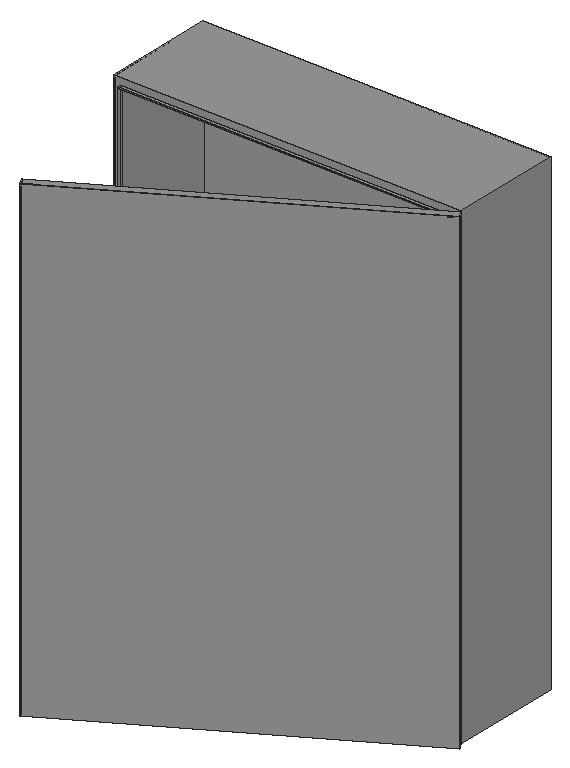
Revit family "Hager-Univers-IP55-D275-H1100-Cl.I-Steel_encl-NoHosted-DE-de", category Equipement électrique, Revit 2020
Family settings
  Configuration du panneau = Deux colonnes, circuits au sein
  Cote de connecteur circulaire = Utiliser le diamètre
  Type d'élément = Tableau de raccordement
  Basée sur le plan de construction = Oui
  Toujours verticalement = Oui
  Couper avec des vides une fois chargée = Non
  Partagée = Non
  Point de calcul de pièce = Non
Parameters (values of type "Aufputz IP55 B800 H1100 T275  - FR73E")
  Width Control [instance] = if([EF000008 - Breite] > Min Width, [EF000008 - Breite], Min Width)  # 800 mm
  Commentaires du type = [HG000003 - Bereich]  # "Univers"
  Thickness Door [instance] = if([EF009171 - Materialstärke Tür/Deckel] > 3 mm, 3 mm, [EF009171 - Materialstärke Tür/Deckel])  # 1.5 mm
  Seal Frame Offset [instance] = 17 mm  # constant formula
  Plinth Visibility [instance] = [HG000027 - Sockelhöhe] > 0 mm  # no
  Min Width [instance] = 100 mm  # constant formula
  Min Depth [instance] = (2 * [EF009170 - Materialstärke Gehäuse]) + 1 mm  # 4 mm
  Min Height [instance] = 100 mm  # constant formula
  Internal Frame Depth [instance] = (Door System Depth * 0.5)  # 9 mm
  Panel Name [instance] = ""  # (empty or 0)
  Model = ""
  HG000027 - Sockelhöhe = 0 mm
  HG000026 - Stehend auf dem Boden = no
  HG000024 - Höhe des unteren Teils = 600 mm
  HG000023 - Gehäuse mit doppeltem Querschnitt = no
  HG000016 - 3D-Türsichtbarkeit [instance] = yes
  HG000015 - Sichtbarkeit der Türöffnung [instance] = no
  HG000014 - Tür rechts [instance] = yes
  HG000013 - Tür links [instance] = not([HG000014 - Tür rechts])  # no
  HG000012 - Türschwenkwinkel [instance] = 30.00°
  HG000010 - Asymmetrische Türen = no
  HG000009 - Doppelflügeligen Tür = no
  HG000006 - Unterputz = no
  HG000004 - Herstellerreferenz = "FR73E"
  HG000003 - Bereich = "Univers"
  HG000002 - Mit tür = yes
  Frame Offset Bottom [instance] = 10 mm  # constant formula
  Frame Offset [instance] = 15 mm  # constant formula
  EF015940 - Deckel mit Überdruckentlastung = no
  EF011959 - Schutzart (NEMA) = ""
  EF009554 - Anzahl der Öffnungen für Flanschplatten = 6
  EF009212 - Ausführung Deckel = "EV000116 - geschlossen"
  EF009171 - Materialstärke Tür/Deckel = 1.5 mm
  EF009170 - Materialstärke Gehäuse = 1.5 mm
  EF008873 - Nennstrom (In) = 800 A
  EF007800 - Geeignet für Blitzschutz = no
  EF006306 - Mit Schloss = no
  EF006244 - Transparenter Deckel/Tür = no
  EF005474 - Schutzart (IP) = "EV006420 - IP55"
  EF004464 - Art der Tür = "EV002646 - Einzel"
  EF004427 - Anzahl der Module = 252
  EF004293 - Schlagfestigkeit = "EV008784 - IK10"
  EF003532 - Geeignet für Außengebrauch = no
  EF002950 - Breite in Teilungseinheiten = 24
  EF001613 - Funktionserhalt = "EV000494 - ohne"
  EF001596 - Werkstoff des Gehäuses = "EV000179 - Stahl"
  EF001131 - Innentiefe = 275 mm
  EF001088 - Anbaumöglichkeit = yes
  EF000437 - Anzahl der Leitungseinführungen = 6
  EF000339 - Art der Abdeckung = "EV004216 - Tür"
  EF000266 - Anzahl der Reihen = 7
  EF000218 - Einbautiefe = 0 mm
  EF000118 - Mit Montageplatte = no
  EF000116 - RAL-Nummer = "7035"
  EF000049 - Tiefe = 275 mm
  EF000040 - Höhe = 1100 mm
  EF000008 - Breite = 800 mm
  EF000007 - Farbe = "EV000270 - grau"
  EF000003 - Montageart = "EV000384 - Aufputz"
  Door System Leaf Tolerance [instance] = 1.5 mm  # constant formula
  Door System Depth [instance] = 18 mm  # constant formula
  Door Height [instance] = Height Control - [HG000027 - Sockelhöhe]  # 1100 mm
  Description = ""
  Default Elevation = 1219.2 mm
  Connector Offset [instance] = Height Control / 2  # 550 mm
  Fabricant = "Hager"  # constant formula
  Height Control [instance] = if([EF000040 - Höhe] > Min Height, [EF000040 - Höhe], Min Height)  # 1100 mm
  Depth Control [instance] = if([EF000049 - Tiefe] > Min Depth, [EF000049 - Tiefe], Min Depth)  # 275 mm
  Bottom Top Plate Trim [instance] = 1.5 mm  # constant formula
  Plinth height Ctrl [instance] = if([HG000027 - Sockelhöhe] > 0 mm, [HG000027 - Sockelhöhe], 12 mm)  # 12 mm
Types (5, lengths in mm): name | Width Control | HG000010 - Asymmetrische Türen | HG000009 - Doppelflügeligen Tür | HG000004 - Herstellerreferenz | EF009554 - Anzahl der Öffnungen für Flanschplatten | EF004464 - Art der Tür | EF004427 - Anzahl der Module | EF000437 - Anzahl der Leitungseinführungen | EF000008 - Breite
  Aufputz IP55 B1050 H1100 T275  - FR74E | 1050 | no | yes | "FR74E" | 8 | "EV003602 - Doppel" | 336 | 8 | 1050
  Aufputz IP55 B1300 H1100 T275  - FR75E | 1300 | yes | yes | "FR75E" | 10 | "EV003602 - Doppel" | 420 | 10 | 1300
  Aufputz IP55 B300 H1100 T275  - FR71E | 300 | no | no | "FR71E" | 2 | "EV002646 - Einzel" | 84 | 2 | 300
  Aufputz IP55 B550 H1100 T275  - FR72E | 550 | no | no | "FR72E" | 4 | "EV002646 - Einzel" | 168 | 4 | 550
  Aufputz IP55 B800 H1100 T275  - FR73E | 800 | no | no | "FR73E" | 6 | "EV002646 - Einzel" | 252 | 6 | 800
Reference planes
  plane 1 "Center (Front/Back)": y = 0
  plane 2: z = 0
  plane 3 "Center (Left/Right)": x = 0
  plane 4: y = 0
  plane 5: y = 0
  plane 6: z = 0
  plane 7: x = -400
  plane 8: x = 400
  plane 9: x = 398.5
  plane 10: x = -398.5
  plane 11: z = 0
  plane 12: z = 1.5
  plane 13: y = -275
  plane 14: y = -1.5
  plane 15: x = 0
  plane 16: y = -257
  plane 17: y = -273.5
  plane 18: y = -255.5
  plane 19: x = -383.5
  plane 20: x = 383.5
  plane 21: z = 11.5
  plane 22: x = -383
  plane 23: x = 383
  plane 24: z = 0
  plane 25: z = 1100
  plane 26: z = 1100
  plane 27: z = 1083.5
  plane 28: z = 1098.5
Forms (mm)
  Extrusion 1, solid, material "Hager_Steel_RAL7035_Light_Grey", detail levels medium+fine
    sketch origin (-208.679, -4572, 0) x (-1, 0, 0) y (0, -1, 0)
      loop
        line (191.321, -4315) -> (-608.679, -4315) -> (-608.679, -4572) -> (191.321, -4572) -> (191.321, -4315)
    from 0 to 1100
  Extrusion 2, void
    sketch origin (-350.771, -275, 1219.2) x (1, 0, 0) y (0, 0, 1)
      loop
        line (-47.729, -120.7) -> (-47.729, -1217.7) -> (749.271, -1217.7) -> (749.271, -120.7) -> (-47.729, -120.7)
    from -19.5 to -273.5
  Extrusion 3, void
    sketch origin (-290.084, -257, 1219.2) x (1, 0, 0) y (0, 0, 1)
      loop
        line (-93.416, -1207.7) -> (673.584, -1207.7) -> (673.584, -135.7) -> (-93.416, -135.7) -> (-93.416, -1207.7)
    from 0 to -1.5
  Extrusion 4, solid, material "Hager_Steel_RAL7035_Light_Grey", visible <- "Plinth Visibility", detail levels medium+fine
    sketch origin (0, 0, 0) x (1, 0, 0) y (0, 1, 0)
      loop
        line (-400, 0) -> (-400, -257) -> (400, -257) -> (400, 0) -> (-400, 0)
    from 0 to 12 <- "Plinth height Ctrl"
  Extrusion 5, solid, material "Hager_Steel_RAL7035_Light_Grey", detail levels coarse
    sketch origin (0, 0, 0) x (1, 0, 0) y (0, 1, 0)
      loop
        line (-400, 0) -> (-400, -275) -> (400, -275) -> (400, 0) -> (-400, 0)
    from 0 to 1100 <- "Height Control"
  Sweep 6, void
    path in 3D
      loop
        line (-400, -257, 12) -> (400, -257, 12) -> (400, 0, 12) -> (-400, 0, 12) -> (-400, -257, 12)
    profile origin (-400, -128.5, 12) x (1, 0, 0) y (0, 0, 1)
      loop
        line (0, 0) -> (0, -1.5) -> (1.5, -1.5)
        arc (1.5, -1.5) -> (1.061, -0.439) -> (0, 0) r 1.5
  Extrusion 7, solid, material "Hager_Steel_RAL7035_Light_Grey", detail levels fine
    sketch origin (-400, -257, 0) x (1, 0, 0) y (0, 0, 1)
      loop
        line (16.5, 11.5) -> (783.5, 11.5) -> (783.5, 1083.5) -> (16.5, 1083.5) -> (16.5, 11.5)
      loop
        line (15, 10) -> (785, 10) -> (785, 1085) -> (15, 1085) -> (15, 10)
    from 0 to 9 <- "Internal Frame Depth"
Cuts and joins
  Extrusion 2, Extrusion 3 cuts Extrusion 1
  Sweep 6 cuts Extrusion 4
Lines and regions (mm)
  Masking region 1
    outline origin (0, 0, 0) x (1, 0, 0) y (0, 1, 0)
      loop
        line (-400, 0) -> (-400, -275) -> (400, -275) -> (400, 0) -> (-400, 0)
  Masking region 2, detail levels coarse
    outline origin (-290.084, -257, 1219.2) x (-1, 0, 0) y (0, 0, 1)
      loop
        line (-690.084, -1219.2) -> (109.916, -1219.2) -> (109.916, -119.2) -> (-690.084, -119.2) -> (-690.084, -1219.2)
  Masking region 3, detail levels coarse
    outline origin (0, 0, 0) x (0, 1, 0) y (0, 0, 1)
      loop
        line (0, 0) -> (0, 1100) -> (-275, 1100) -> (-275, 0) -> (0, 0)
  Masking region 4, visible <- "Plinth Visibility", detail levels medium+fine
    outline origin (0, 0, 0) x (0, 1, 0) y (0, 0, 1)
      loop
        line (-1.5, 12) -> (-255.5, 12)
        arc (-255.5, 12) -> (-255.939, 10.939) -> (-257, 10.5) r 1.5
        line (-257, 10.5) -> (-257, 0) -> (0, 0) -> (0, 10.5)
        arc (0, 10.5) -> (-1.061, 10.939) -> (-1.5, 12) r 1.5
  Masking region 5, detail levels medium+fine
    outline origin (0, 0, 594.038) x (0, 1, 0) y (0, 0, 1)
      loop
        line (0, -594.038) -> (0, 505.962) -> (-257, 505.962) -> (-257, -594.038) -> (0, -594.038)
  Masking region 6, detail levels medium+fine
    outline origin (-359.7, -257, 1211.883) x (-1, 0, 0) y (0, 0, 1)
      loop
        line (-759.7, -1211.883) -> (40.3, -1211.883) -> (40.3, -111.883) -> (-759.7, -111.883) -> (-759.7, -1211.883)
  Masking region 7, visible <- "Plinth Visibility", detail levels medium+fine
    outline origin (-320.334, -257, 1041.368) x (-1, 0, 0) y (0, 0, 1)
      loop
        line (-720.334, -1041.368) -> (79.666, -1041.368) -> (79.666, -1030.868)
        arc (79.666, -1030.868) -> (78.606, -1030.429) -> (78.166, -1029.368) r 1.5
        line (78.166, -1029.368) -> (-718.834, -1029.368)
        arc (-718.834, -1029.368) -> (-719.273, -1030.429) -> (-720.334, -1030.868) r 1.5
        line (-720.334, -1030.868) -> (-720.334, -1041.368)
  sketch lines
    curve 1: line (-400, 0, 12) -> (-400, -257, 12)
    curve 2: line (-400, -257, 12) -> (400, -257, 12)
    curve 3: line (400, 0, 12) -> (-400, 0, 12)
    curve 4: line (400, -257, 12) -> (400, 0, 12)
Dimensions and locks
  locked: plane 1 "Center (Front/Back)" to plane 5
  "EF009170 - Materialstärke Gehäuse": plane 7 to plane 10
  "EF009170 - Materialstärke Gehäuse": plane 8 to plane 9
  equal spacing: plane 7, plane 3 "Center (Left/Right)", plane 8
  "Width Control": plane 7 to plane 8
  "Depth Control": plane 4 to plane 13
  "EF009170 - Materialstärke Gehäuse": plane 4 to plane 14
  "Height Control": plane 25 to level
  "HG000027 - Sockelhöhe": plane 11 to level
  "EF009170 - Materialstärke Gehäuse": plane 12 to plane 11
  "EF009170 - Materialstärke Gehäuse": plane 17 to plane 13
  "EF009170 - Materialstärke Gehäuse": plane 18 to plane 16
  "Frame Offset Bottom": plane 21 to plane 12
  "Frame Offset": plane 10 to plane 19
  "Frame Offset": plane 9 to plane 20
  "Door System Depth": plane 16 to plane 13
  "Seal Frame Offset": plane 7 to plane 22
  "Seal Frame Offset": plane 8 to plane 23
  "EF009170 - Materialstärke Gehäuse": plane 26 to plane 28
  "Frame Offset": plane 28 to plane 27
  "Connector Offset": plane 2 to connector elem
  "Bottom Top Plate Trim": profile plane to Sweep 6 sketch curve
  "Bottom Top Plate Trim": Sweep 6 sketch curve to Sweep 6 sketch curve
  "Plinth height Ctrl": Masking region 4 sketch curve to level
  "Plinth height Ctrl": Masking region 7 sketch curve to level
  "Thickness Door": Extrusion 7 sketch curve to Extrusion 7 sketch curve  (x4)
  "Bottom Top Plate Trim": radius of Sweep 6 sketch curve
  "Bottom Top Plate Trim": radius of Masking region 4 sketch curve  (x2)
  "Bottom Top Plate Trim": radius of Masking region 7 sketch curve  (x2)
  aligned and locked: Extrusion 2 sketch curve to plane 12
  aligned and locked: Extrusion 2 sketch curve to plane 9
  aligned and locked: Extrusion 2 sketch curve to plane 10
  aligned and locked: Extrusion 2 to plane 14
  aligned and locked: Extrusion 1 sketch curve to plane 4
  aligned and locked: plane 8 to Extrusion 1 sketch curve
  aligned and locked: plane 7 to Extrusion 1 sketch curve
  aligned and locked: Extrusion 2 to plane 18
  aligned and locked: Extrusion 3 sketch curve to plane 19
  aligned and locked: plane 20 to Extrusion 3 sketch curve
  aligned and locked: Extrusion 3 to Extrusion 2
  aligned and locked: Extrusion 3 sketch curve to plane 21
  aligned and locked: plane 3 "Center (Left/Right)" to nested 1
  aligned and locked: Extrusion 1 sketch curve to plane 16
  aligned and locked: Extrusion 4 sketch curve to cut or joined group of Extrusion 1, Extrusion 2, Extrusion 3
  aligned and locked: Masking region 1 sketch curve to plane 7
  aligned and locked: Masking region 1 sketch curve to plane 5
  aligned and locked: Masking region 1 sketch curve to plane 8
  aligned and locked: Masking region 2 sketch curve to level
  aligned and locked: level to Masking region 3 sketch curve
  aligned and locked: plane 1 "Center (Front/Back)" to Masking region 3 sketch curve
  aligned and locked: plane 13 to Masking region 3 sketch curve
  aligned and locked: plane 5 to Masking region 4 sketch curve
  aligned and locked: Masking region 2 sketch curve to plane 8
  aligned and locked: Masking region 2 sketch curve to plane 7
  aligned and locked: plane 7 to nested 2
  aligned and locked: nested 2 to plane 5
  aligned and locked: plane 5 to Masking region 5 sketch curve
  aligned and locked: plane 26 to Masking region 5 sketch curve
  aligned and locked: Extrusion 5 sketch curve to plane 8
  aligned and locked: Extrusion 5 sketch curve to plane 7
  aligned and locked: Extrusion 5 sketch curve to plane 5
  aligned and locked: Extrusion 3 sketch curve to plane 27
  aligned and locked: Extrusion 2 sketch curve to plane 28
  aligned and locked: Masking region 2 to plane 25
  aligned and locked: Extrusion 4 to plane 16
  aligned and locked: profile plane to Sweep 6 sketch curve
  aligned and locked: Masking region 5 sketch curve to plane 24
  aligned and locked: level to Masking region 4 sketch curve
  aligned and locked: Masking region 1 to plane 13
  aligned and locked: nested 1 to plane 16
  aligned and locked: Masking region 3 to plane 25
  aligned and locked: plane 16 to Masking region 4 sketch curve
  aligned and locked: Masking region 5 sketch curve to plane 16
  aligned and locked: plane 24 to plane 11
  aligned and locked: plane 26 to plane 25
  aligned and locked: plane 26 to cut or joined group of Extrusion 1, Extrusion 2, Extrusion 3
  aligned and locked: nested 1 to plane 24
  aligned and locked: Extrusion 1 to Extrusion 3
  aligned and locked: Masking region 6 sketch curve to plane 8
  aligned and locked: Masking region 6 sketch curve to plane 24
  aligned and locked: Masking region 6 sketch curve to plane 7
  aligned and locked: Masking region 6 sketch curve to plane 26
  aligned and locked: Masking region 7 sketch curve to plane 7
  aligned and locked: level to Masking region 7 sketch curve
  aligned and locked: Masking region 7 sketch curve to plane 8
  aligned and locked: Extrusion 7 sketch curve to cut or joined group of Extrusion 1, Extrusion 2, Extrusion 3  (x4)
Automatic sketch dimensions
  plane 19 to Extrusion 3 sketch curve = 0 mm
  Extrusion 3 sketch curve to plane 20 = 0 mm
  Extrusion 3 sketch curve to plane 21 = 0 mm
  Extrusion 4 sketch curve to plane 7 = 0 mm
  Extrusion 4 sketch curve to plane 8 = 0 mm
  Extrusion 4 sketch curve to plane 16 = 0 mm
  Masking region 1 sketch curve to plane 13 = 0 mm
  Masking region 2 sketch curve to plane 25 = 0 mm
  Masking region 3 sketch curve to plane 25 = 0 mm
  Extrusion 5 sketch curve to plane 13 = 0 mm
  profile plane to Sweep 6 sketch curve = 0 mm
Nested families
  nested 1: "EC000058_Univers_Door" at (0, -257, 0), Double <- "HG000009 - Doppelflügeligen Tür", Transparent <- "EF006244 - Transparenter Deckel/Tür", Angle <- "HG000012 - Türschwenkwinkel", Door_Right <- "HG000014 - Tür rechts", Assymetrical <- "HG000010 - Asymmetrische Türen", Door <- "HG000002 - Mit tür", Width_Ctrl <- "Width Control", 3d_Door <- "HG000016 - 3D-Türsichtbarkeit", Clearance <- "HG000015 - Sichtbarkeit der Türöffnung", Door_Left <- "HG000013 - Tür links", Width <- "Width Control", Door_Depth <- "Door System Depth", Leaf_Tolerance <- "Door System Leaf Tolerance", Height <- "Door Height", Lock_Visibility <- "EF006306 - Mit Schloss", Thickness <- "Thickness Door", type "EC000058_Univers_Door", detail levels medium+fine
    with min_wh 4 mm, Width_Ctrl 800 mm, Width 800 mm, Transparent no, Thickness 1.5 mm, Seal_Material Hager_Rubber, Lock_Visibility no, Lock_Material Hager_Plastic_RAL9005_Jet_Black, Leaf_Width 800 mm, Leaf_Tolerance_External_Sides 0 mm, Leaf_Tolerance 1.5 mm, Leaf_Offset 0 mm, Leaf_Height 1097 mm, Leaf_2_Width 800 mm, Leaf_2_Offset 400 mm, Leaf_1_Width 800 mm, Leaf_1_Offset 400 mm, Height_Ctrl 1100 mm, Height 1100 mm, Glass_Material Hager_Glass, Double_Clearance_Ctrl no, Double no, Door_Right_Ctrl yes, Door_Right yes, Door_Material Hager_Steel_RAL7035_Light_Grey, Door_Left_Ctrl no, Door_Left no, Door_Depth 18 mm, Door yes, Clearance_Material Hager_Clearance, Clearance_Depth 800 mm, Clearance_Ctrl no, Clearance no, Assymetrical no, Angle 30.00°, 3d_Door yes
  nested 2: "Hager_Enclosure_Symbol" at (-400, 0, 0), Height <- "Depth Control", Width <- "Width Control", type "Hager_Enclosure_Symbol"
    with Width_Ctrl 800 mm, Width 800 mm, Height_Ctrl 275 mm, Height 275 mm, A_Width_Int 18.047 mm, A_Width 216.562 mm, A_Height_Ctrl 240.625 mm, A_Height 240.625 mm
Connectors
  electrical at (0, 0, 550)
    settings: on plane 1 "Center (Front/Back)", index 1, voltage 0 V, apparent load 0 VA, apparent load phase1 0 VA, apparent load phase2 0 VA, apparent load phase3 0 VA, power factor 1, load classification "Other", number of poles 1, system type 30, power factor state 1, is connector primary yes, connector utility no, sub classification motor no, connector description ""
Definition of nested family "EC000058_Univers_Door"
  Parameters (values of type "EC000058_Univers_Door")
    min_wh [instance] = (2 * Thickness) + 1 mm  # 11 mm
    Width_Ctrl [instance] = 400 mm
    Width [instance] = 500 mm
    Transparent [instance] = yes
    Thickness [instance] = 5 mm
    Seal_Material [instance] = none
    Lock_Visibility [instance] = yes
    Lock_Material [instance] = none
    Leaf_Width [instance] = if((Width_Ctrl - 2 * Leaf_Tolerance_External_Sides) > 0 mm, (Width_Ctrl - 2 * Leaf_Tolerance_External_Sides), min_wh)  # 400 mm
    Leaf_Tolerance_External_Sides [instance] = 0 mm  # constant formula
    Leaf_Tolerance [instance] = 1.5 mm
    Leaf_Offset [instance] = 0 mm  # constant formula
    Leaf_Height [instance] = if((Height_Ctrl - 2 * Leaf_Tolerance) > 0 mm, (Height_Ctrl - 2 * Leaf_Tolerance), min_wh)  # 497 mm
    Leaf_2_Width [instance] = if(and(and(Double, Assymetrical), Door_Left), (Leaf_Width / 3) - (Leaf_Tolerance / 2), if(and(and(Double, Assymetrical), Door_Right), (Leaf_Width / 3) * 2 - (Leaf_Tolerance / 2), if(and(Double, not(Assymetrical)), (Leaf_Width / 2) - Leaf_Tolerance, Leaf_Width)))  # 400 mm
    Leaf_2_Offset [instance] = if(and(Double, Assymetrical), Leaf_2_Width / 2, if(and(Double, not(Assymetrical)), Leaf_Width / 4, Leaf_Width / 2))  # 200 mm
    Leaf_1_Width [instance] = if(and(and(Double, Assymetrical), Door_Right), (Leaf_Width / 3) - (Leaf_Tolerance / 2), if(and(and(Double, Assymetrical), Door_Left), (Width / 3) * 2 - (Leaf_Tolerance / 2), if(and(Double, not(Assymetrical)), (Leaf_Width / 2) - Leaf_Tolerance, Leaf_Width)))  # 400 mm
    Leaf_1_Offset [instance] = if(and(Double, Assymetrical), Leaf_1_Width / 2, if(and(Double, not(Assymetrical)), Leaf_Width / 4, Leaf_Width / 2))  # 200 mm
    Height_Ctrl [instance] = if(Height > min_wh, Height, min_wh)  # 500 mm
    Height [instance] = 500 mm
    Glass_Material [instance] = none
    Double_Clearance_Ctrl [instance] = and(Double, Clearance)  # no
    Double [instance] = no
    Door_Right_Ctrl [instance] = and(or(Door_Right, Double), Door)  # yes
    Door_Right [instance] = yes
    Door_Material [instance] = none
    Door_Left_Ctrl [instance] = and(or(Door_Left, Double), Door)  # no
    Door_Left [instance] = no
    Door_Depth [instance] = 30 mm
    Door [instance] = yes
    Default Elevation = 1219.2 mm
    Clearance_Material [instance] = none
    Clearance_Depth [instance] = if(Leaf_1_Width > Leaf_2_Width, Leaf_1_Width, Leaf_2_Width)  # 400 mm
    Clearance_Ctrl [instance] = and(not(Double), Clearance)  # yes
    Clearance [instance] = yes
    Assymetrical [instance] = yes
    Angle [instance] = 30.00°
    3d_Door [instance] = yes
  Reference planes
    plane 1 "Center (Front/Back)": y = 0
    plane 2 "Bottom": z = 0
    plane 3 "Center (Left/Right)": x = 0
    plane 4: z = 500
    plane 5: x = -200
    plane 6: x = 200
    plane 7: z = 500
    plane 8: x = -200
    plane 9: z = 0
    plane 10: x = 200
    plane 11: y = 0
    plane 12: z = 1.5
    plane 13: x = -600
    plane 14: y = -400
    plane 15: x = 600
    plane 16: x = 0
    plane 17: x = 0
    plane 18: x = -200
    plane 19: x = 200
    plane 20: z = 498.5
  Forms (mm)
    Extrusion 1, solid, material <- "Clearance_Material", visible <- "Double_Clearance_Ctrl"
      sketch origin (1200, 0, 0) x (1, 0, 0) y (0, 0, -1)
        loop
          line (-1800, -498.5) -> (-600, -498.5) -> (-600, 0) -> (-1800, 0) -> (-1800, -498.5)
      from 0 to -400
  Dimensions and locks
    equal spacing: plane 5, plane 3 "Center (Left/Right)", plane 6
    "Width_Ctrl": plane 5 to plane 6
    "Leaf_Offset": plane 5 to plane 8
    "Leaf_Offset": plane 6 to plane 10
    "Leaf_Offset": plane 9 to level
    "Leaf_Offset": plane 4 to plane 7
    "Height_Ctrl": plane 4 to level
    "Leaf_Tolerance": plane 12 to plane 9
    locked: plane 11 to plane 1 "Center (Front/Back)"
    "Leaf_1_Offset": plane 18 to plane 16
    "Leaf_2_Offset": plane 17 to plane 19
    "Leaf_1_Width": plane 13 to plane 8
    "Leaf_2_Width": plane 10 to plane 15
    "Clearance_Depth": plane 14 to plane 1 "Center (Front/Back)"
    "Leaf_Tolerance_External_Sides": plane 8 to plane 18
    "Leaf_Tolerance_External_Sides": plane 19 to plane 10
    "Leaf_Tolerance": plane 7 to plane 20
    aligned and locked: level to plane 2 "Bottom"
    aligned and locked: nested 1 to plane 16
    aligned and locked: nested 2 to plane 17
    aligned and locked: Extrusion 1 to plane 13
    aligned and locked: plane 15 to Extrusion 1
    aligned and locked: Extrusion 1 to plane 14
    aligned and locked: plane 12 to nested 1
    aligned and locked: nested 2 to plane 12
    aligned and locked: Extrusion 1 to plane 11
    aligned and locked: plane 20 to Extrusion 1
    aligned and locked: nested 2 to plane 11
    aligned and locked: nested 1 to plane 11
  Automatic sketch dimensions
    Extrusion 1 sketch curve to level = 0 mm
    plane 5 to Extrusion 1 sketch curve = 400 mm
    plane 6 to Extrusion 1 sketch curve = 400 mm
    Extrusion 1 sketch curve to plane 4 = 1.5 mm
  Nested families
    nested 1: "EC000058_Univers_Door_Leaf" at (0, 0, 1.5), Width <- "Leaf_1_Width", visible <- "Door_Left_Ctrl", Leaf_Height <- "Leaf_Height", Angle <- "Angle", 3d_Door <- "3d_Door", Transparent <- "Transparent", Clearance Material <- "Clearance_Material", Clearance <- "Clearance_Ctrl", Door_Material <- "Door_Material", Glass_Material <- "Glass_Material", Door_Depth <- "Door_Depth", Lock_Material <- "Lock_Material", Seal_Material <- "Seal_Material", Lock_Visibility <- "Lock_Visibility", Thickness <- "Thickness", type "EC000058_Univers_Door_Leaf"
      with Width 400 mm, Transparent_Glass_Offset 30 mm, Transparent_Ctrl yes, Transparent yes, Thickness 5 mm, Standard no, Seal_Material none, Seal_D2 8 mm, Seal_D1 1 mm, Offset_Internal_Frame 10 mm, Lock_Width 20 mm, Lock_Visibility_3d yes, Lock_Visibility yes, Lock_Thickness_3 3 mm, Lock_Thickness_2 1 mm, Lock_Thickness_1 3 mm, Lock_Radius_Offset_2 16 mm, Lock_Radius_Offset_1 15 mm, Lock_Radius_2 5 mm, Lock_Radius 6 mm, Lock_Offset 5 mm, Lock_Material none, Lock_Height 80 mm, Lock_Cover_Top_Offset_2d 17 mm, Lock_Cover_Height -65 mm, Leaf_Height 497 mm, Internal_Seal_Thickness 8 mm, Internal_Seal_Depth_2 4.5 mm, Internal_Frame_Depth 25 mm, Glass_Thickness -1 mm, Glass_Offset -2 mm, Glass_Material none, Door_Material none, Door_Depth 30 mm, Clearance Material none, Clearance yes, Angle_Ctrl 30.00°, Angle 30.00°, 3d_Door yes
    nested 2: "EC000058_Univers_Door_Leaf" at (0, 0, 1.5) x (-1, 0, 0) z (0, 0, 1), Width <- "Leaf_2_Width", visible <- "Door_Right_Ctrl", Leaf_Height <- "Leaf_Height", Angle <- "Angle", 3d_Door <- "3d_Door", Transparent <- "Transparent", Clearance Material <- "Clearance_Material", Clearance <- "Clearance_Ctrl", Door_Material <- "Door_Material", Glass_Material <- "Glass_Material", Door_Depth <- "Door_Depth", Lock_Material <- "Lock_Material", Seal_Material <- "Seal_Material", Lock_Visibility <- "Lock_Visibility", Thickness <- "Thickness", type "EC000058_Univers_Door_Leaf"
      with Width 400 mm, Transparent_Glass_Offset 30 mm, Transparent_Ctrl yes, Transparent yes, Thickness 5 mm, Standard no, Seal_Material none, Seal_D2 8 mm, Seal_D1 1 mm, Offset_Internal_Frame 10 mm, Lock_Width 20 mm, Lock_Visibility_3d yes, Lock_Visibility yes, Lock_Thickness_3 3 mm, Lock_Thickness_2 1 mm, Lock_Thickness_1 3 mm, Lock_Radius_Offset_2 16 mm, Lock_Radius_Offset_1 15 mm, Lock_Radius_2 5 mm, Lock_Radius 6 mm, Lock_Offset 5 mm, Lock_Material none, Lock_Height 80 mm, Lock_Cover_Top_Offset_2d 17 mm, Lock_Cover_Height -65 mm, Leaf_Height 497 mm, Internal_Seal_Thickness 8 mm, Internal_Seal_Depth_2 4.5 mm, Internal_Frame_Depth 25 mm, Glass_Thickness -1 mm, Glass_Offset -2 mm, Glass_Material none, Door_Material none, Door_Depth 30 mm, Clearance Material none, Clearance yes, Angle_Ctrl 30.00°, Angle 30.00°, 3d_Door yes
  Definition of nested family "EC000058_Univers_Door_Leaf"
    Parameters (values of type "EC000058_Univers_Door_Leaf")
      Width [instance] = 2000 mm
      Transparent_Glass_Offset [instance] = 30 mm
      Transparent_Ctrl [instance] = and(Transparent, [3d_Door])  # yes
      Transparent [instance] = yes
      Thickness [instance] = 5 mm
      Standard [instance] = and(not(Transparent), [3d_Door])  # no
      Seal_Material [instance] = none
      Seal_D2 [instance] = 8 mm  # constant formula
      Seal_D1 [instance] = 1 mm  # constant formula
      Offset_Internal_Frame [instance] = 10 mm  # constant formula
      Lock_Width [instance] = 20 mm  # constant formula
      Lock_Visibility_3d [instance] = and(Lock_Visibility, [3d_Door])  # yes
      Lock_Visibility [instance] = yes
      Lock_Thickness_3 [instance] = 3 mm  # constant formula
      Lock_Thickness_2 [instance] = 1 mm  # constant formula
      Lock_Thickness_1 [instance] = 3 mm  # constant formula
      Lock_Radius_Offset_2 [instance] = Lock_Radius_Offset_1 + 1 mm  # 16 mm
      Lock_Radius_Offset_1 [instance] = 15 mm  # constant formula
      Lock_Radius_2 [instance] = Lock_Radius - 1 mm  # 5 mm
      Lock_Radius [instance] = 6 mm  # constant formula
      Lock_Offset [instance] = 5 mm  # constant formula
      Lock_Material [instance] = none
      Lock_Height [instance] = 80 mm  # constant formula
      Lock_Cover_Top_Offset_2d [instance] = Lock_Radius_Offset_2 + 1 mm  # 17 mm
      Lock_Cover_Height [instance] = -(Lock_Height - Lock_Radius_Offset_1)  # -65 mm
      Leaf_Height [instance] = 2720.336 mm
      Internal_Seal_Thickness [instance] = 8 mm  # constant formula
      Internal_Seal_Depth_2 [instance] = 4.5 mm  # constant formula
      Internal_Frame_Depth [instance] = if(Door_Depth - Thickness > 5 mm, Door_Depth - Thickness, 5 mm)  # 25 mm
      Glass_Thickness [instance] = if(Thickness > 15 mm, Glass_Offset + 10 mm, -1 mm)  # -1 mm
      Glass_Offset [instance] = if(Thickness > 15 mm, -(Thickness + 10 mm) / 2, -2 mm)  # -2 mm
      Glass_Material [instance] = none
      Door_Material [instance] = none
      Door_Depth [instance] = 30 mm
      Default Elevation = 0 mm
      Clearance Material [instance] = none
      Clearance [instance] = yes
      Angle_Ctrl [instance] = if(Angle > 180.00°, 180.00°, Angle)  # 90.00°
      Angle [instance] = 90.00°
      3d_Door [instance] = yes
    Reference planes
      plane 1 "Center (Front/Back)": y = 0
      plane 2: z = 0
      plane 3 "Center (Left/Right)": x = 0
      plane 4: y = 2000
      plane 5: x = -1000
      plane 6: x = 1000
      plane 7: x = -3000
      plane 8: z = 2720.336
      plane 9: z = 30
      plane 10: z = 2690.336
      plane 11: x = 970
      plane 12: x = -970
      plane 13: y = -3
      plane 14: z = 107.833
      plane 15: y = -5
      plane 16: y = -223.314
      plane 17: x = -1000
      plane 18: z = 1360.168
      plane 19: y = 30
    Forms (mm)
      Extrusion 1, solid, material <- "Clearance Material", visible <- "Clearance"
        sketch origin (0, 0, 0) x (1, 0, 0) y (0, 0, 1)
          loop
            line (-3000, 2720.336) -> (-3000, 0) -> (1000, 0) -> (1000, 2720.336) -> (-3000, 2720.336)
        from 0 to -2000
      Extrusion 2, solid, material <- "Door_Material", visible <- "Standard", detail levels medium+fine
        sketch origin (-1000, 0, 0) x (0, 1, 0) y (-1, 0, 0)
          loop
            line (0, 30) -> (0, 25) -> (2000, 25) -> (2000, 30) -> (0, 30)
        from 0 to 2720.336 <- "Leaf_Height"
      Extrusion 3, solid, material <- "Door_Material", visible <- "Transparent_Ctrl", detail levels medium+fine
        sketch origin (-1000, 0, 0) x (0, 1, 0) y (-1, 0, 0)
          loop
            line (0, 25) -> (2000, 25) -> (2000, 30) -> (0, 30) -> (0, 25)
        from 0 to 2720.336 <- "Leaf_Height"
      Extrusion 4, void
        sketch origin (-1025, 2000, 0) x (0, 1, 0) y (0, 0, -1)
          loop
            line (-30, -2690.336) -> (-30, -30) -> (-1970, -30) -> (-1970, -2690.336) -> (-30, -2690.336)
        from 0 to 5 <- "Thickness"
      Sweep 5, solid, material <- "Seal_Material", visible <- "Transparent_Ctrl", detail levels fine
        path in 3D
          loop
            line (-1025, 30, 30) -> (-1025, 30, 2690.336) -> (-1025, 1970, 2690.336) -> (-1025, 1970, 30) -> (-1025, 30, 30)
        profile origin (-1025, 1000, 30) x (1, 0, 0) y (0, 0, 1)
          loop
            line (0, 0) -> (0, -8) -> (1, -8) -> (1, 0) -> (0, 0)
      Extrusion 6, solid, material <- "Glass_Material", visible <- "Transparent_Ctrl", detail levels medium+fine
        sketch origin (-1030, 0, 0) x (0, 1, 0) y (0, 0, -1)
          loop
            line (1970, -2690.336) -> (1970, -30) -> (30, -30) -> (30, -2690.336) -> (1970, -2690.336)
        from -2 <- "Glass_Offset" to -1 <- "Glass_Thickness"
      Extrusion 7, solid, material <- "Door_Material", visible <- "3d_Door", detail levels medium+fine
        sketch origin (-1025, 2000, 0) x (0, -1, 0) y (0, 0, -1)
          loop
            line (0, -2720.336) -> (2000, -2720.336) -> (2000, 0) -> (0, 0) -> (0, -2720.336)
          loop
            line (1995, -5) -> (5, -5) -> (5, -2715.336) -> (1995, -2715.336) -> (1995, -5)
        from 0 to 25 <- "Internal_Frame_Depth"
      Sweep 8, solid, material <- "Seal_Material", visible <- "Transparent_Ctrl", detail levels fine
        path in 3D
          loop
            line (-1025, 0, 0) -> (-1025, 2000, 0) -> (-1025, 2000, 2720.336) -> (-1025, 0, 2720.336) -> (-1025, 0, 0)
        profile origin (-1025, 0, 1360.168) x (1, 0, 0) y (0, 1, 0)
          loop
            line (0, 10) -> (2.975, 10)
            arc (2.975, 10) -> (4.053, 10.447) -> (4.5, 11.525) r 1.525
            line (4.5, 11.525) -> (4.5, 16.527)
            arc (4.5, 16.527) -> (4.069, 17.569) -> (3.027, 18) r 1.473
            line (3.027, 18) -> (0, 18) -> (0, 10)
      Extrusion 9, solid, material <- "Lock_Material", visible <- "Lock_Visibility_3d", detail levels fine
        sketch origin (-1030, 0, 0) x (0, 1, 0) y (0, 0, -1)
          loop
            arc (1993.5, -1400.168) -> (1994.561, -1399.729) -> (1995, -1398.668) r 1.5
            line (1995, -1398.668) -> (1995, -1320.168) -> (1975, -1320.168) -> (1975, -1398.668)
            arc (1975, -1398.668) -> (1975.439, -1399.729) -> (1976.5, -1400.168) r 1.5
            line (1976.5, -1400.168) -> (1993.5, -1400.168)
        from 3 <- "Lock_Thickness_1" to 0
      Blend 10, solid, material <- "Lock_Material", visible <- "Lock_Visibility_3d", detail levels fine
        base sketch origin (-1033, 0, 0) x (0, 1, 0) y (0, 0, -1)
          loop
            line (1975, -1320.168) -> (1975, -1398.668)
            arc (1975, -1398.668) -> (1975.439, -1399.729) -> (1976.5, -1400.168) r 1.5
            line (1976.5, -1400.168) -> (1993.5, -1400.168)
            arc (1993.5, -1400.168) -> (1994.561, -1399.729) -> (1995, -1398.668) r 1.5
            line (1995, -1398.668) -> (1995, -1320.168) -> (1975, -1320.168)
        top sketch origin (-1033, 0, 0) x (0, 1, 0) y (0, 0, -1)
          loop
            line (1976, -1320.168) -> (1976, -1398.668)
            arc (1976, -1398.668) -> (1976.146, -1399.022) -> (1976.5, -1399.168) r 0.5
            line (1976.5, -1399.168) -> (1993.5, -1399.168)
            arc (1993.5, -1399.168) -> (1993.854, -1399.022) -> (1994, -1398.668) r 0.5
            line (1994, -1398.668) -> (1994, -1320.168) -> (1976, -1320.168)
        from 0 to 1 <- "Lock_Thickness_2"
      Blend 11, solid, material <- "Lock_Material", visible <- "Lock_Visibility_3d", detail levels fine
        base sketch origin (-1034, 0, 0) x (0, 1, 0) y (0, 0, -1)
          loop
            line (1978, -1320.168) -> (1978, -1384.168)
            arc (1978, -1384.168) -> (1985, -1391.168) -> (1992, -1384.168) r 7
            line (1992, -1384.168) -> (1992, -1320.168) -> (1978, -1320.168)
        top sketch origin (-1034, 0, 0) x (0, 1, 0) y (0, 0, -1)
          loop
            line (1991, -1320.168) -> (1979, -1320.168) -> (1979, -1383.168)
            arc (1979, -1383.168) -> (1985, -1389.168) -> (1991, -1383.168) r 6
            line (1991, -1383.168) -> (1991, -1320.168)
        from 0 to 3 <- "Lock_Thickness_3"
      Extrusion 12, solid, material <- "Lock_Material", visible <- "Lock_Visibility_3d", detail levels fine
        sketch origin (-1030, 1975, 1320.168) x (1, 0, 0) y (0, -1, 0)
          loop
            line (-7, -19) -> (-7, -1) -> (0, -1) -> (0, 0) -> (-8, 0) -> (-8, -20) -> (0, -20) -> (0, -19) -> (-7, -19)
        from 0 to -65 <- "Lock_Cover_Height"
      Extrusion 13, void
        sketch origin (-1038, 1995, 1320.168) x (-1, 0, 0) y (0, 0, -1)
          loop
            line (-5, -65) -> (0, -65) -> (-5, -60) -> (-5, -65)
        from 0 to 20 <- "Lock_Width"
      Extrusion 14, void
        sketch origin (-1038, 1975, 1320.168) x (0, -1, 0) y (0, 0, -1)
          loop
            circle (-10, -15.995) r 6
          loop
            circle (-10, -15.995) r 5
        from 0 to 2
      Extrusion 15, solid, material <- "Lock_Material", visible <- "Lock_Visibility_3d", detail levels medium
        sketch origin (-1030, 0, 0) x (0, 1, 0) y (0, 0, -1)
          loop
            arc (1993.5, -1400.168) -> (1994.561, -1399.729) -> (1995, -1398.668) r 1.5
            line (1995, -1398.668) -> (1995, -1320.168) -> (1975, -1320.168) -> (1975, -1398.668)
            arc (1975, -1398.668) -> (1975.439, -1399.729) -> (1976.5, -1400.168) r 1.5
            line (1976.5, -1400.168) -> (1993.5, -1400.168)
        from 8 to 0
    Cuts and joins
      Extrusion 4 cuts Extrusion 3
      Extrusion 13, Extrusion 14 cuts Extrusion 9
      Extrusion 14 cuts Blend 11
      Extrusion 13, Extrusion 14 cuts Extrusion 12
      joined: Extrusion 9, Blend 10, Blend 11, Extrusion 12
      Extrusion 14 cuts Extrusion 15
    Lines and regions (mm)
      Masking region 1, visible <- "Lock_Visibility", detail levels fine
        outline origin (0, 0, 0) x (0, 1, 0) y (0, 0, 1)
          loop
            line (30, 1320.168) -> (33, 1320.168) -> (33, 1400.168) -> (30, 1400.168) -> (30, 1320.168)
      Masking region 2, visible <- "Lock_Visibility", detail levels fine
        outline origin (0, 3.143, 0) x (0, 1, 0) y (0, 0, 1)
          loop
            line (29.857, 1354.168) -> (30.857, 1354.168) -> (30.857, 1366.168) -> (29.857, 1366.168) -> (29.857, 1354.168)
      Masking region 3, detail levels medium+fine
        outline origin (0, 0, 0) x (0, 1, 0) y (0, 0, 1)
          loop
            line (0, 0) -> (30, 0) -> (30, 2720.336) -> (0, 2720.336) -> (0, 0)
      Masking region 4, detail levels medium+fine
        outline origin (0, 0, 0) x (1, 0, 0) y (0, 0, 1)
          loop
            line (-1000, 2720.336) -> (-1000, 0) -> (1000, 0) -> (1000, 2720.336) -> (-1000, 2720.336)
      Masking region 5, visible <- "Lock_Visibility", detail levels fine
        outline origin (-47.116, 0, 0) x (1, 0, 0) y (0, 0, 1)
          loop
            arc (1024.616, 1399.168) -> (1023.556, 1398.729) -> (1023.116, 1397.668) r 1.5
            line (1023.116, 1397.668) -> (1023.116, 1320.168) -> (1041.116, 1320.168) -> (1041.116, 1397.668)
            arc (1041.116, 1397.668) -> (1040.677, 1398.729) -> (1039.616, 1399.168) r 1.5
            line (1039.616, 1399.168) -> (1024.616, 1399.168)
      Masking region 6, visible <- "Lock_Visibility", detail levels medium+fine
        outline origin (-25, 0, 0) x (1, 0, 0) y (0, 0, 1)
          loop
            arc (1001.5, 1400.168) -> (1000.439, 1399.729) -> (1000, 1398.668) r 1.5
            line (1000, 1398.668) -> (1000, 1320.168) -> (1020, 1320.168) -> (1020, 1398.668)
            arc (1020, 1398.668) -> (1019.561, 1399.729) -> (1018.5, 1400.168) r 1.5
            line (1018.5, 1400.168) -> (1001.5, 1400.168)
      Masking region 7, visible <- "Lock_Visibility", detail levels fine
        outline origin (-73.735, 0, 0) x (1, 0, 0) y (0, 0, 1)
          loop
            line (1051.735, 1382.168) -> (1065.735, 1382.168) -> (1065.735, 1384.168)
            arc (1065.735, 1384.168) -> (1058.735, 1391.168) -> (1051.735, 1384.168) r 7
            line (1051.735, 1384.168) -> (1051.735, 1382.168)
      Masking region 8, visible <- "Lock_Visibility", detail levels fine
        outline origin (-73.735, 0, 0) x (1, 0, 0) y (0, 0, 1)
          loop
            line (1052.735, 1382.168) -> (1064.735, 1382.168) -> (1064.735, 1383.168)
            arc (1064.735, 1383.168) -> (1058.735, 1389.168) -> (1052.735, 1383.168) r 6
            line (1052.735, 1383.168) -> (1052.735, 1382.168)
      Masking region 9, visible <- "Lock_Visibility", detail levels fine
        outline origin (-25, 0, 0) x (1, 0, 0) y (0, 0, 1)
          loop
            line (1020, 1320.168) -> (1020, 1382.168) -> (1000, 1382.168) -> (1000, 1320.168) -> (1020, 1320.168)
      Masking region 10, detail levels medium+fine
        outline origin (0, 0, 0) x (1, 0, 0) y (0, 0, 1)
          loop
            circle (985, 1335.144) r 6
      Masking region 11, detail levels fine
        outline origin (0, 0, 0) x (1, 0, 0) y (0, 0, 1)
          loop
            circle (985, 1335.144) r 5
      Masking region 12, visible <- "Lock_Visibility", detail levels fine
        outline origin (0, 12.767, 0) x (0, 1, 0) y (0, 0, 1)
          loop
            line (20.233, 1320.168) -> (21.233, 1320.168) -> (21.233, 1399.168) -> (20.233, 1400.168) -> (20.233, 1320.168)
      Masking region 13, visible <- "Lock_Visibility", detail levels fine
        outline origin (0, 13.767, -10) x (0, 1, 0) y (0, 0, 1)
          loop
            line (20.233, 1330.168) -> (23.233, 1330.168) -> (23.233, 1399.168) -> (20.233, 1402.168) -> (20.233, 1330.168)
      Masking region 14, visible <- "Lock_Visibility", detail levels fine
        outline origin (0, 12.767, -10) x (0, 1, 0) y (0, 0, 1)
          loop
            line (20.233, 1330.168) -> (25.233, 1330.168) -> (25.233, 1399.305) -> (20.233, 1394.305) -> (20.233, 1330.168)
      Masking region 15, visible <- "Lock_Visibility", detail levels medium
        outline origin (0, 0, 0) x (0, 1, 0) y (0, 0, 1)
          loop
            line (30, 1320.168) -> (38, 1320.168) -> (38, 1400.168) -> (30, 1400.168) -> (30, 1320.168)
      Masking region 16, visible <- "Lock_Visibility", detail levels fine
        outline origin (-1000, 0, 0) x (0, 1, 0) y (-1, 0, 0)
          loop
            line (1975, 30) -> (1995, 30) -> (1995, 38) -> (1975, 38) -> (1975, 30)
          loop
            line (1979, 37) -> (1976, 37) -> (1976, 34) -> (1978, 34) -> (1979, 37)
          loop
            line (1994, 37) -> (1991, 37) -> (1992, 34) -> (1994, 34) -> (1994, 37)
      Masking region 17, visible <- "Lock_Visibility", detail levels medium
        outline origin (-1000, 0, 0) x (0, 1, 0) y (-1, 0, 0)
          loop
            line (1975, 30) -> (1995, 30) -> (1995, 38) -> (1975, 38) -> (1975, 30)
      symbolic lines
        curve 1: line (1000, 0, 0) -> (-3000, 0, 0)
        curve 2: arc (1000, 0, 0) -> (-1000, 2000, 0) -> (-3000, 0, 0) r 2000
        curve 4: line (-1030, 0, 0) -> (-1030, 2000, 0)
      reference lines
        curve 3: line (-1000, 0, 0) -> (-1000, 2000, 0)
      symbolic lines, detail levels medium+fine
        curve 5: line (-1030, 2000, 0) -> (-1025, 2000, 0)
        curve 7: line (-1025, 0, 0) -> (-1030, 0, 0)
        curve 8: line (-1025, 0, 0) -> (-1000, 0, 0)
        curve 9: line (-1000, 0, 0) -> (-1000, 2000, 0)
        curve 10: line (-1000, 2000, 0) -> (-1025, 2000, 0)
      symbolic lines, detail levels fine
        curve 6: line (-1025, 2000, 0) -> (-1025, 0, 0)
      sketch lines
        curve 11: line (-1025, 0, 2720.336) -> (-1025, 0, 0)
        curve 12: line (-1025, 2000, 0) -> (-1025, 0, 0)
        curve 13: line (-1025, 2000, 2720.336) -> (-1025, 2000, 0)
        curve 14: line (-1025, 0, 2720.336) -> (-1025, 2000, 2720.336)
        curve 15: line (-1025, 1970, 30) -> (-1025, 30, 30)
        curve 16: line (-1025, 30, 30) -> (-1025, 30, 2690.336)
        curve 17: line (-1025, 1970, 2690.336) -> (-1025, 1970, 30)
        curve 18: line (-1025, 30, 2690.336) -> (-1025, 1970, 2690.336)
      symbolic lines, visible <- "Transparent", detail levels medium+fine
        curve 19: line (-970, 0, 2690.336) -> (970, 0, 2690.336)
        curve 20: line (-970, 0, 30) -> (-970, 0, 2690.336)
        curve 21: line (970, 0, 30) -> (-970, 0, 30)
        curve 22: line (970, 0, 2690.336) -> (970, 0, 30)
    Dimensions and locks
      "Width": plane 1 "Center (Front/Back)" to plane 4
      equal spacing: plane 5, plane 3 "Center (Left/Right)", plane 6
      "Width": plane 5 to plane 6
      "Width": plane 7 to plane 5
      "Leaf_Height": plane 8 to level
      "Width": curve 5 to curve 3
      "Width": curve 3 to curve 3
      plane 8 to plane 10 = 30 mm
      plane 9 to level = 30 mm
      plane 12 to plane 5 = 30 mm
      plane 6 to plane 11 = 30 mm
      Extrusion 1 to Extrusion 4 sketch curve = 30 mm
      "Transparent_Glass_Offset": curve 3 to Extrusion 4 sketch curve
      "Transparent_Glass_Offset": Extrusion 4 sketch curve to cut or joined group of Extrusion 3, Extrusion 4  (x2)
      cut or joined group of Extrusion 3, Extrusion 4 to Extrusion 6 sketch curve = 30 mm
      "Transparent_Glass_Offset": cut or joined group of Extrusion 3, Extrusion 4 to Extrusion 4 sketch curve
      "Thickness": curve 6 to curve 4
      "Thickness": Extrusion 7 sketch curve to Extrusion 7 sketch curve  (x4)
      "Door_Depth": curve 4 to curve 3
      "Offset_Internal_Frame": profile plane to Sweep 8 sketch curve
      "Internal_Seal_Thickness": Sweep 8 sketch curve to Sweep 8 sketch curve
      "Internal_Seal_Depth_2": profile plane to Sweep 8 sketch curve
      "Seal_D1": profile plane to Sweep 5 sketch curve
      "Seal_D2": profile plane to Sweep 5 sketch curve
      "Thickness": Extrusion 2 sketch curve to Extrusion 2 sketch curve
      equal spacing: Extrusion 9 sketch curve, plane 18, Extrusion 9 sketch curve  (x2)
      equal spacing: Masking region 1 sketch curve, plane 18, Masking region 1 sketch curve
      "Lock_Height": Masking region 1 sketch curve to Masking region 1 sketch curve
      "Lock_Radius": Masking region 2 sketch curve to plane 18 to Masking region 2 sketch curve
      Masking region 2 sketch curve to Masking region 1 = 1 mm
      "Door_Depth": plane 19 to plane 1 "Center (Front/Back)"
      "Lock_Thickness_1": Masking region 1 sketch curve to plane 19
      "Lock_Width": Extrusion 9 sketch curve to Extrusion 9 sketch curve
      "Lock_Height": Extrusion 9 sketch curve to Extrusion 9 sketch curve
      "Lock_Offset": cut or joined group of Extrusion 3, Extrusion 4 to Extrusion 9 sketch curve
      equal spacing: plane 8, plane 18, level
      "Lock_Radius_Offset_1": Blend 11 sketch curve to Blend 10
      locked: Blend 10 to Blend 11 sketch curve at 2  (x2)
      locked: var sketch to Blend 11 sketch curve at 1  (x2)
      "Lock_Radius_Offset_2": Blend 11 sketch curve to Blend 10
      locked: Extrusion 12 sketch curve to Extrusion 12 sketch curve at 1  (x3)
      Masking region 6 sketch curve to Masking region 6 sketch curve = 80 mm
      "Lock_Height": Masking region 6 sketch curve to Masking region 6 sketch curve
      "Lock_Width": Masking region 6 sketch curve to Masking region 6 sketch curve
      locked: Masking region 6 to Masking region 5 sketch curve at 1  (x3)
      locked: Masking region 5 to Masking region 7 sketch curve at 2  (x2)
      "Lock_Radius_Offset_1": Masking region 5 to Masking region 7 sketch curve
      "Lock_Radius_Offset_2": Masking region 5 to Masking region 8 sketch curve
      locked: Masking region 7 to Masking region 8 sketch curve at 1  (x2)
      "Lock_Cover_Top_Offset_2d": Masking region 5 to Masking region 9 sketch curve
      equal spacing: Masking region 9, Masking region 10 sketch curve, Masking region 9
      equal spacing: Masking region 9, Masking region 11 sketch curve, Masking region 9
      Extrusion 15 sketch curve to Extrusion 15 sketch curve = 80 mm
      "Lock_Width": Extrusion 15 sketch curve to Extrusion 15 sketch curve
      "Lock_Height": Extrusion 15 sketch curve to Extrusion 15 sketch curve
      equal spacing: Extrusion 15 sketch curve, plane 18, Extrusion 15 sketch curve
      "Lock_Thickness_3": Masking region 13 sketch curve to Masking region 13 sketch curve
      "Lock_Height": Masking region 12 sketch curve to Masking region 12 sketch curve
      locked: Masking region 13 sketch curve to Masking region 1 at 8
      locked: Masking region 14 sketch curve to Masking region 13 at 1
      locked: Masking region 14 sketch curve to Masking region 1 at 10.863
      "Lock_Height": Masking region 15 sketch curve to Masking region 15 sketch curve
      "Lock_Offset": Extrusion 15 sketch curve to cut or joined group of Extrusion 3, Extrusion 4
      "Lock_Offset": plane 6 to Masking region 6 sketch curve
      radius of Sweep 8 sketch curve = 1.525 mm
      radius of Sweep 8 sketch curve = 1.473 mm
      radius of Extrusion 9 sketch curve = 1.5 mm  (x2)
      "Lock_Radius": radius of Extrusion 14 sketch curve
      "Lock_Radius_2": radius of Extrusion 14 sketch curve
      "Lock_Radius": radius of Masking region 10 sketch curve
      "Lock_Radius_2": radius of Masking region 11 sketch curve
      radius of Extrusion 15 sketch curve = 1.5 mm  (x2)
      "Angle_Ctrl": angle plane 1 "Center (Front/Back)" to curve 3
      locked: Masking region 12 sketch curve to Masking region 12 sketch curve (angle 45.00°)
      locked: Masking region 13 sketch curve to Masking region 13 sketch curve (angle 45.00°)
      locked: Masking region 14 sketch curve to Masking region 14 sketch curve (angle 45.00°)
      aligned and locked: level to plane 2
      aligned and locked: Extrusion 1 to curve 1
      aligned and locked: plane 6 to Extrusion 1
      aligned and locked: Extrusion 1 to plane 1 "Center (Front/Back)"
      aligned and locked: plane 4 to Extrusion 1
      aligned and locked: plane 8 to Extrusion 1
      aligned and locked: curve 7 to Extrusion 2 sketch curve
      aligned and locked: curve 5 to Extrusion 2 sketch curve
      aligned and locked: curve 7 to Extrusion 3 sketch curve
      aligned and locked: Extrusion 3 sketch curve to curve 4
      aligned and locked: Extrusion 3 sketch curve to curve 6
      aligned and locked: Extrusion 3 sketch curve to curve 5
      aligned and locked: curve 9 to curve 3
      aligned and locked: Extrusion 7 sketch curve to cut or joined group of Extrusion 3, Extrusion 4  (x4)
      aligned and locked: plane 17 to curve 3
      aligned and locked: plane 1 "Center (Front/Back)" to curve 3
      aligned and locked: plane 17 to plane 5
      aligned and locked: Sweep 8 sketch curve to profile plane
      aligned and locked: Sweep 5 sketch curve to profile plane  (x2)
      aligned and locked: Masking region 1 to Masking region 2 sketch curve
      aligned and locked: plane 19 to Masking region 1 sketch curve
      aligned and locked: plane 1 "Center (Front/Back)" to Masking region 3 sketch curve
      aligned and locked: plane 19 to Masking region 3 sketch curve
      aligned and locked: level to Masking region 3 sketch curve
      aligned and locked: Masking region 3 sketch curve to plane 8
      aligned and locked: plane 17 to Masking region 4 sketch curve
      aligned and locked: level to Masking region 4 sketch curve
      aligned and locked: Masking region 4 sketch curve to plane 8
      aligned and locked: plane 12 to curve 20
      aligned and locked: plane 10 to curve 19
      aligned and locked: plane 11 to curve 22
      aligned and locked: curve 21 to plane 9
      aligned and locked: Extrusion 2 sketch curve to cut or joined group of Extrusion 3, Extrusion 4
      aligned and locked: Blend 10 sketch curve to Extrusion 9  (x4)
      aligned and locked: Extrusion 9 to Blend 10 sketch curve
      aligned and locked: Blend 10 to Blend 11 sketch curve
      aligned and locked: Extrusion 12 sketch curve to Blend 11
      aligned and locked: Extrusion 12 sketch curve to Extrusion 9  (x4)
      aligned and locked: Masking region 5 sketch curve to Masking region 6
      aligned and locked: Masking region 9 sketch curve to Masking region 6  (x3)
      aligned and locked: Masking region 12 sketch curve to Masking region 1
      aligned and locked: Masking region 13 sketch curve to Masking region 1
      aligned and locked: Masking region 12 to Masking region 14
      aligned and locked: Masking region 14 sketch curve to Masking region 1
      aligned and locked: Masking region 15 sketch curve to Masking region 14
      aligned and locked: Masking region 13 sketch curve to Masking region 12
      aligned and locked: Masking region 16 sketch curve to cut or joined group of Extrusion 14, Extrusion 15  (x4)
      aligned and locked: Masking region 16 sketch curve to cut or joined group of Extrusion 9, Blend 10, Blend 11, Extrusion 12, Extrusion 13, Extrusion 14  (x6)
      aligned and locked: cut or joined group of Extrusion 9, Blend 10, Blend 11, Extrusion 12, Extrusion 13, Extrusion 14 to Masking region 16 sketch curve
      aligned and locked: Masking region 17 sketch curve to cut or joined group of Extrusion 14, Extrusion 15  (x3)
      aligned and locked: Masking region 17 sketch curve to cut or joined group of Extrusion 9, Blend 10, Blend 11, Extrusion 12, Extrusion 13, Extrusion 14
      aligned and locked: Masking region 9 to Masking region 8 sketch curve
      aligned and locked: Masking region 9 to Masking region 7 sketch curve
    Automatic sketch dimensions
      plane 1 "Center (Front/Back)" to curve 2 = 0 mm
      curve 2 to plane 5 = 0 mm
      Extrusion 1 sketch curve to level = 0 mm
      Extrusion 1 sketch curve to plane 7 = 0 mm
      Extrusion 1 sketch curve to plane 6 = 0 mm
      Extrusion 1 sketch curve to plane 8 = 0 mm
      Extrusion 3 to Extrusion 6 sketch curve = 30 mm  (x4)
      Masking region 4 sketch curve to plane 6 = 0 mm
      Blend 10 sketch curve to Extrusion 9 = 1.5 mm
      Blend 10 sketch curve to Extrusion 9 = 1 mm
      Extrusion 13 sketch curve to Extrusion 12 = 0 mm  (x2)
      Extrusion 12 to Extrusion 13 sketch curve = 3 mm
      Extrusion 13 sketch curve to Extrusion 12 = 5 mm
      Extrusion 14 sketch curve to Extrusion 14 sketch curve = 0 mm  (x2)
      Extrusion 14 sketch curve to Extrusion 12 = 10 mm
      Extrusion 14 sketch curve to Extrusion 12 = 15.995 mm
      Masking region 5 sketch curve to Masking region 5 sketch curve = 1.5 mm  (x2)
      Masking region 10 sketch curve to plane 18 = 25.024 mm
      Masking region 11 sketch curve to plane 18 = 25.024 mm
      plane 19 to Masking region 14 sketch curve = 3 mm
      Masking region 16 sketch curve to Masking region 16 sketch curve = 3 mm
      curve 4 to curve 3 = 0 mm
      Blend 10 to Blend 11 sketch curve = 0 mm
      Masking region 6 sketch curve to Masking region 6 sketch curve = 1.5 mm  (x2)
      Masking region 6 sketch curve to plane 18 = 40 mm
      plane 19 to Masking region 12 sketch curve = 3 mm
      Masking region 12 sketch curve to Masking region 12 sketch curve = 1 mm
      Masking region 15 sketch curve to plane 19 = 0 mm
      Masking region 15 sketch curve to plane 18 = 40 mm
      radius of Blend 10 sketch curve to Extrusion 9 = 1 mm
Definition of nested family "Hager_Enclosure_Symbol"
  Parameters (values of type "Hager_Enclosure_Symbol")
    Width_Ctrl [instance] = if(Width > 1 mm, Width, 1 mm)  # 102.27 mm
    Width [instance] = 102.27 mm
    Height_Ctrl [instance] = if(Height > 1 mm, Height, 1 mm)  # 66.5 mm
    A_Width_Int [instance] = if(A_Width / 12 > 2 mm, A_Width / 12, 2 mm)  # 4.364 mm
    A_Width [instance] = if(A_Height_Ctrl * 0.9 > 2 mm, A_Height_Ctrl * 0.9, 2 mm)  # 52.369 mm
    A_Height_Ctrl [instance] = if(A_Height > 2 mm, A_Height, 2 mm)  # 58.188 mm
    Height [instance] = 66.5 mm
    A_Height [instance] = Height - (Height / 8)  # 58.188 mm
  Reference planes
    plane 1 "Centre (avant/arrière)": y = 0
    plane 2: z = 0
    plane 3 "Centre (gauche/droite)": x = 0
    plane 4: x = 52.369
    plane 5: y = 33.042
    plane 6: y = 41.77
    plane 7: y = 66.5
    plane 8: x = 26.184
    plane 9: y = 37.406
    plane 10: x = 102.27
    plane 11: y = 66.5
    plane 12: y = 8.313
  Lines and regions (mm)
    Filled region 1, type "Solid_Black", in view "Niveau de réf."
      outline origin (0, 0, 0) x (1, 0, 0) y (0, 1, 0)
        loop
          line (52.369, 66.5) -> (33.188, 54.536) -> (45.365, 45.006) -> (52.369, 66.5)
    Filled region 2, type "Solid_Black", in view "Niveau de réf."
      outline origin (0, 0, 0) x (1, 0, 0) y (0, 1, 0)
        loop
          line (0, 0) -> (102.27, 0) -> (102.27, 66.5) -> (0, 0)
    detail lines, in view "Niveau de réf."
      curve 1: line (0, 8.313, 0) -> (26.184, 41.77, 0)
      curve 2: line (26.184, 41.77, 0) -> (26.184, 33.042, 0)
      curve 3: line (26.184, 33.042, 0) -> (52.369, 66.5, 0)
  Dimensions and locks
    "A_Width": plane 3 "Centre (gauche/droite)" to plane 4
    equal spacing: plane 3 "Centre (gauche/droite)", plane 8, plane 4
    equal spacing: plane 6, plane 9, plane 5
    equal spacing: curve 3, Filled region 1 sketch curve, Filled region 1 sketch curve
    "Height_Ctrl": plane 1 "Centre (avant/arrière)" to plane 11
    "A_Height_Ctrl": plane 11 to plane 12
    equal spacing: plane 11, plane 9, plane 12
    "A_Width_Int": plane 6 to plane 9
    "Width_Ctrl": plane 3 "Centre (gauche/droite)" to plane 10
    angle Filled region 1 sketch curve to curve 3 = 20.00°
    angle curve 3 to Filled region 1 sketch curve = 20.00°
    locked: curve 3 to Filled region 1 sketch curve (angle 90.00°)
    aligned and locked: plane 10 to Filled region 2
    aligned and locked: plane 11 to Filled region 2 sketch curve
    aligned and locked: plane 10 to Filled region 2 sketch curve
    aligned and locked: plane 3 "Centre (gauche/droite)" to curve 1
    aligned and locked: plane 12 to curve 1
    aligned and locked: plane 7 to plane 11
  Automatic sketch dimensions
    Filled region 1 sketch curve to plane 4 = 0 mm
    Filled region 1 sketch curve to plane 7 = 0 mm
    plane 1 "Centre (avant/arrière)" to Filled region 2 sketch curve = 0 mm
    Filled region 2 sketch curve to plane 3 "Centre (gauche/droite)" = 0 mm
    curve 2 to plane 6 = 0 mm
    curve 2 to plane 8 = 0 mm
    curve 3 to plane 4 = 0 mm
    curve 2 to plane 5 = 0 mm
    curve 3 to plane 7 = 0 mm
